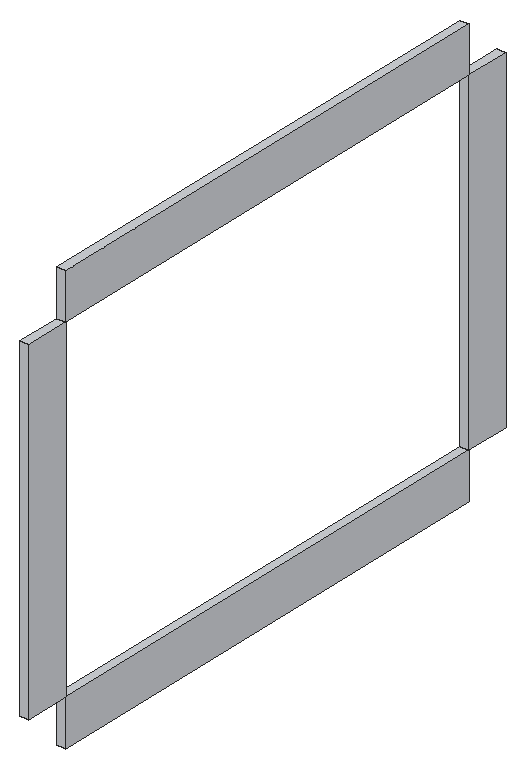
Revit family "Climaver_Access hatch", category Vyústky vzduchotechniky, Revit 2022
Family settings
  Kóta kulaté spojky = Použít průměr
  Typ dílu = Normální
  Založené na pracovní rovině = Ne
  Vždy vertikální = Ano
  Ořezat dutým tvarem při načtení = Ne
  Sdílené = Ne
  Bod výpočtu místnosti = Ne
Parameters (values of type "25 mm")
  WIDTH = 300 mm
  Výrobce = "Saint-Gobain - Isove"
  URL = "https://www.isover-technical-insulation.com/hvac/climaverr-self-supporting-ducts"
  TYPE = "Fitting"  # constant formula
  Panel thickness = 25 mm
  Tl.P [instance] = 27.5 mm  # constant formula
  Popis = "Access hatch"
  Model = ""
  Material = none
  Komentáře k typům = "Glass wool duct boards for air conditioning, ventilation and heating systems. The system allow to make foursquare duct/duct lines (straight duct, elbow, offset, branch etc.) The panel a high density glass wool duct board and is faced on both sides. The outer facing, a robust aluminum facing, acts as a vapor barrier and ensures that the duct is airtight. The inner facing of the duct may be either a reinforced aluminum facing or a woven glass facing.The pre-insulated, self-supporting duct is designed to offer excellent acoustics, excellent thermal performance and a high level of air-tightness, making the system energy efficient. Application as EN 13403, Airtightness: Thermal conductivity λ = 0,032 [W/(m·K)] for T = 10 °C, Class D, Maximum Static pressure: 800 Pa, Maximum air speed: 18 m/s, Maximum temperature of circulating air: 90°C, Maximum external air temperature 60°C, Minimum temperature: – 30˚C, Dimensional stability: Quantities and measured values : <1 %, Duct assembly: exclusive male/female molded shiplap, Water-vapour diffusion resistence: >140 m².h.Pa/mg (from the facing)."  # constant formula
  Instalation Manual = "https://mail.google.com/mail/u/0/?tab=wm&ogbl#inbox?projector=1&messagePartId=0.1"
  HEIGHT = 200 mm
  FLOW RATE [instance] = 0.0 L/s
  Výchozí výška = 0 mm
  Cena = 0
  COPYRIGHT = "Saint-Gobain - Isover"  # constant formula
Types (2, lengths in mm): name | Panel thickness
  25 mm | 25
  40 mm | 40
Reference planes
  plane 1 "Střed (vpředu/vzadu)": y = 0
  plane 2: z = 0
  plane 3 "Střed (vlevo/vpravo)": x = 0
  plane 4: z = 100
  plane 5: y = 150
  plane 6: z = -100
  plane 7: y = -150
  plane 8: x = 25
Forms (mm)
  Extrusion 1, solid, material <- "Material", not visible, detail levels medium+fine
    sketch origin (25, 172.607, 1200) x (0, 1, 0) y (0, 0, 1)
      loop
        line (-322.607, -1100) -> (-322.607, -1300) -> (-22.607, -1300) -> (-22.607, -1100) -> (-322.607, -1100)
    from -25 to 0
  Extrusion 2, solid
    sketch origin (25, 172.607, 1200) x (0, 1, 0) y (0, 0, 1)
      loop
        line (-322.607, -1327.5) -> (-22.607, -1327.5) -> (-22.607, -1300) -> (-322.607, -1300) -> (-322.607, -1327.5)
    from 0 to 5
  Extrusion 3, solid
    sketch origin (25, 172.607, 1200) x (0, 1, 0) y (0, 0, 1)
      loop
        line (-322.607, -1300) -> (-322.607, -1100) -> (-350.107, -1100) -> (-350.107, -1300) -> (-322.607, -1300)
    from 0 to 5
  Extrusion 4, solid
    sketch origin (25, 172.607, 1200) x (0, 1, 0) y (0, 0, 1)
      loop
        line (-322.607, -1100) -> (-22.607, -1100) -> (-22.607, -1072.5) -> (-322.607, -1072.5) -> (-322.607, -1100)
    from 0 to 5
  Extrusion 5, solid
    sketch origin (25, 172.607, 1200) x (0, 1, 0) y (0, 0, 1)
      loop
        line (-22.607, -1100) -> (-22.607, -1300) -> (4.893, -1300) -> (4.893, -1100) -> (-22.607, -1100)
    from 0 to 5
Lines and regions (mm)
  reference lines
    curve 1: line (0, 0, 0) -> (7, 0, 0)
Dimensions and locks
  equal spacing: Extrusion 1 sketch curve, plane 2, Extrusion 1 sketch curve
  equal spacing: Extrusion 1 sketch curve, plane 1 "Střed (vpředu/vzadu)", Extrusion 1 sketch curve
  "WIDTH": Extrusion 1 sketch curve to Extrusion 1 sketch curve
  "HEIGHT": Extrusion 1 sketch curve to Extrusion 1 sketch curve
  equal spacing: plane 7, plane 1 "Střed (vpředu/vzadu)", plane 5
  "WIDTH": plane 7 to plane 5
  equal spacing: plane 6, level, plane 4
  "HEIGHT": plane 4 to plane 6
  "Tl.P": Extrusion 2 sketch curve to plane 6
  "Tl.P": Extrusion 3 sketch curve to plane 7
  "Tl.P": Extrusion 4 sketch curve to plane 4
  "Tl.P": plane 5 to Extrusion 5 sketch curve
  "Panel thickness": plane 3 "Střed (vlevo/vpravo)" to plane 8
  aligned and locked: level to plane 2
  aligned and locked: plane 3 "Střed (vlevo/vpravo)" to curve 1
  aligned and locked: plane 1 "Střed (vpředu/vzadu)" to curve 1
  aligned and locked: Extrusion 2 sketch curve to plane 7
  aligned and locked: Extrusion 2 sketch curve to plane 5
  aligned and locked: Extrusion 2 sketch curve to plane 6
  aligned and locked: Extrusion 3 sketch curve to plane 7
  aligned and locked: Extrusion 3 sketch curve to plane 4
  aligned and locked: Extrusion 3 sketch curve to plane 6
  aligned and locked: Extrusion 4 sketch curve to plane 4
  aligned and locked: Extrusion 4 sketch curve to plane 7
  aligned and locked: Extrusion 4 sketch curve to plane 5
  aligned and locked: Extrusion 5 sketch curve to plane 5
  aligned and locked: Extrusion 5 sketch curve to plane 4
  aligned and locked: Extrusion 5 sketch curve to plane 6
Automatic sketch dimensions
  plane 3 "Střed (vlevo/vpravo)" to curve 1 = 7 mm
Connectors
  hvac at (0, 0, 0), driven by "HEIGHT", driven by "WIDTH", driven by "FLOW RATE"
    settings: on curve 1, index 2, duct flow 0.0 L/s, flow factor 0, pres drop 0.0 Pa, loss coef 0, conn angle 0.00°, conn width 300 mm, conn height 200 mm, conn diameter 609.6 mm, duct sys type 2, conn prof type 1, flow config 1, flow direction 2, loss method 4, conn ref index -1, conn util no, is conn primary yes, conn desc ""
